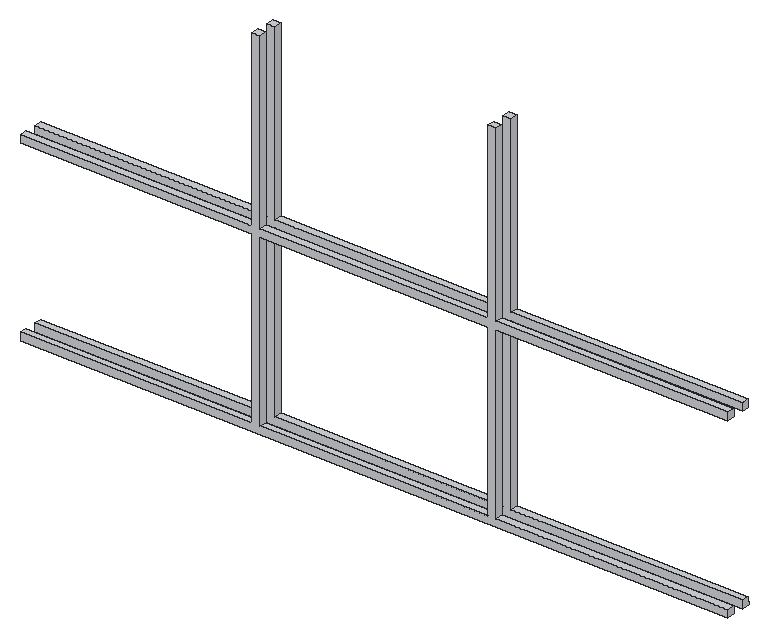
Revit family "M_Padrão do montante_fracional_2x3", category Modelos genéricos, Revit 2019
Family settings
  Pode hospedar o vergalhão = Não
  Cota do conector redondo = Utilizar diâmetro
  Tipo de parte = Normal
  Com base no plano de trabalho = Não
  Sempre na vertical = Sim
  Corte com vazios quando carregada = Não
  Compartilhado = Sim
  Ponto de cálculo do ambiente = Não
Parameters
  Largura [instance] = 1200 mm
  Espessura = 12.7 mm
  Altura [instance] = 1200 mm
  Material interior [instance] = none
  Material externo [instance] = none
  Distância = 19.05 mm
Reference planes
  plane 1 "Centro (Frente/Trás)": y = 0
  plane 2: z = 0
  plane 3 "Centro (Esquerda/Direita)": x = 0
  plane 4: z = 1200
  plane 5: x = -600
  plane 6: x = 600
  plane 7 "a": y = 9.525
  plane 8 "b": y = -9.525
  plane 9: z = 600
  plane 10: x = -200
  plane 11: x = -206.35
  plane 12: x = -193.65
  plane 13: x = 200
  plane 14: x = 193.65
  plane 15: x = 206.35
  plane 16: z = 900
  plane 17: z = 606.35
  plane 18: z = 593.65
  plane 19: z = 906.35
  plane 20: z = 893.65
  plane 21: y = 22.225
  plane 22: y = -22.225
Forms (mm)
  Extrusion 1, solid, material <- "Material externo", detail levels fine
    sketch origin (0, 0, 0) x (1, 0, 0) y (0, 0, 1)
      loop
        line (-600, 906.35) -> (-600, 893.65) -> (-206.35, 893.65) -> (-206.35, 606.35) -> (-600, 606.35) -> (-600, 593.65) -> (193.65, 593.65) -> (600, 593.65) -> (600, 606.35) -> (206.35, 606.35) -> (206.35, 893.65) -> (600, 893.65) -> (600, 906.35) -> (206.35, 906.35) -> (206.35, 1200) -> (193.65, 1200) -> (193.65, 906.35) -> (-193.65, 906.35) -> (-193.65, 1200) -> (-206.35, 1200) -> (-206.35, 906.35) -> (-600, 906.35)
      loop
        line (-193.65, 893.65) -> (-193.65, 606.35) -> (193.65, 606.35) -> (193.65, 893.65) -> (-193.65, 893.65)
    from -22.225 to -9.525
  Extrusion 2, solid, material <- "Material interior", detail levels fine
    sketch origin (0, 0, 0) x (1, 0, 0) y (0, 0, -1)
      loop
        line (-600, -906.35) -> (-206.35, -906.35) -> (-206.35, -1200) -> (-193.65, -1200) -> (-193.65, -906.35) -> (193.65, -906.35) -> (193.65, -1200) -> (206.35, -1200) -> (206.35, -906.35) -> (600, -906.35) -> (600, -893.65) -> (206.35, -893.65) -> (206.35, -606.35) -> (600, -606.35) -> (600, -593.65) -> (193.65, -593.65) -> (-600, -593.65) -> (-600, -606.35) -> (-206.35, -606.35) -> (-206.35, -893.65) -> (-600, -893.65) -> (-600, -906.35)
      loop
        line (-193.65, -893.65) -> (193.65, -893.65) -> (193.65, -606.35) -> (-193.65, -606.35) -> (-193.65, -893.65)
    from -22.225 to -9.525
Lines and regions (mm)
  model lines, detail levels medium
    curve 1: line (-600, 9.525, 600) -> (600, 9.525, 600)
    curve 6: line (-600, -9.525, 600) -> (600, -9.525, 600)
  model lines, style "GenericModel", detail levels medium
    curve 2: line (-200, 9.525, 1200) -> (-200, 9.525, 600)
    curve 3: line (200, 9.525, 1200) -> (200, 9.525, 600)
    curve 4: line (-600, 9.525, 900) -> (600, 9.525, 900)
    curve 5: line (-600, -9.525, 900) -> (600, -9.525, 900)
    curve 7: line (200, -9.525, 1200) -> (200, -9.525, 600)
    curve 8: line (-200, -9.525, 1200) -> (-200, -9.525, 600)
Dimensions and locks
  equal spacing: plane 6, plane 3 "Centro (Esquerda/Direita)", plane 5
  "Largura": plane 6 to plane 5
  "Altura": plane 4 to plane 2
  equal spacing: plane 7 "a", plane 1 "Centro (Frente/Trás)", plane 8 "b"
  "Distância": plane 7 "a" to plane 8 "b"
  plane 12 to plane 10 to plane 11 = 6.35 mm locked, 6.35 mm locked
  equal spacing: plane 6, plane 13, plane 10, plane 5
  plane 14 to plane 13 = 6.35 mm
  plane 15 to plane 13 = 6.35 mm
  equal spacing: plane 4, plane 16, plane 9
  plane 17 to plane 9 to plane 18 = 6.35 mm locked, 6.35 mm locked
  plane 19 to plane 16 to plane 20 = 6.35 mm locked, 6.35 mm locked
  equal spacing: plane 4, plane 9, plane 2
  "Espessura": plane 21 to plane 7 "a"
  "Espessura": plane 8 "b" to plane 22
  aligned and locked: plane 2 to level
  aligned and locked: plane 5 to curve 1
  aligned and locked: plane 6 to curve 1
  aligned and locked: curve 1 to plane 9
  aligned and locked: curve 2 to plane 10
  aligned and locked: curve 3 to plane 13
  aligned and locked: curve 4 to plane 16
  aligned and locked: Extrusion 1 sketch curve to plane 19
  aligned and locked: Extrusion 1 sketch curve to plane 20
  aligned and locked: Extrusion 1 sketch curve to plane 11
  aligned and locked: Extrusion 1 sketch curve to plane 12
  aligned and locked: Extrusion 1 sketch curve to plane 14
  aligned and locked: Extrusion 1 sketch curve to plane 15
  aligned and locked: Extrusion 1 sketch curve to plane 17
  aligned and locked: Extrusion 1 sketch curve to plane 18
  aligned and locked: Extrusion 1 sketch curve to plane 5
  aligned and locked: Extrusion 1 sketch curve to plane 6
  aligned and locked: Extrusion 1 sketch curve to plane 4
  aligned and locked: Extrusion 1 to plane 7 "a"
  aligned and locked: Extrusion 1 to plane 21
  aligned and locked: Extrusion 2 to plane 5
  aligned and locked: plane 8 "b" to Extrusion 2
  aligned and locked: Extrusion 2 to plane 22
  aligned and locked: plane 6 to Extrusion 2
  aligned and locked: Extrusion 2 to plane 11
  aligned and locked: plane 12 to Extrusion 2
  aligned and locked: Extrusion 2 to plane 14
  aligned and locked: plane 15 to Extrusion 2
  aligned and locked: plane 19 to Extrusion 1
  aligned and locked: plane 19 to Extrusion 2
  aligned and locked: Extrusion 1 to plane 20
  aligned and locked: Extrusion 2 to plane 20
  aligned and locked: plane 4 to curve 8
  aligned and locked: plane 4 to curve 7
  aligned and locked: plane 5 to curve 5
  aligned and locked: plane 5 to curve 6
  aligned and locked: plane 6 to curve 5
  aligned and locked: plane 6 to curve 6
  aligned and locked: plane 9 to curve 8
  aligned and locked: plane 9 to curve 7
Automatic sketch dimensions
  Extrusion 1 sketch curve to plane 5 = 0 mm
  plane 11 to Extrusion 1 sketch curve = 0 mm
  plane 12 to Extrusion 1 sketch curve = 0 mm
  plane 14 to Extrusion 1 sketch curve = 0 mm  (x2)
  plane 15 to Extrusion 1 sketch curve = 0 mm
  Extrusion 1 sketch curve to plane 6 = 0 mm
  Extrusion 1 sketch curve to plane 17 = 0 mm  (x2)
  Extrusion 1 sketch curve to plane 20 = 0 mm  (x2)
  Extrusion 1 sketch curve to plane 19 = 0 mm  (x2)
  Extrusion 1 sketch curve to plane 4 = 0 mm
  Extrusion 2 sketch curve to plane 5 = 0 mm  (x2)
  Extrusion 2 sketch curve to plane 11 = 0 mm  (x2)
  Extrusion 2 sketch curve to plane 4 = 0 mm  (x2)
  Extrusion 2 sketch curve to plane 12 = 0 mm  (x2)
  Extrusion 2 sketch curve to plane 14 = 0 mm  (x3)
  Extrusion 2 sketch curve to plane 15 = 0 mm  (x2)
  Extrusion 2 sketch curve to plane 6 = 0 mm  (x2)
  Extrusion 2 sketch curve to plane 19 = 0 mm  (x3)
  Extrusion 2 sketch curve to plane 20 = 0 mm  (x3)
  Extrusion 2 sketch curve to plane 17 = 0 mm  (x3)
  Extrusion 2 sketch curve to plane 18 = 0 mm
  curve 4 to plane 6 = 0 mm
  curve 4 to plane 5 = 0 mm
  curve 3 to plane 4 = 0 mm
  curve 2 to plane 4 = 0 mm
  curve 7 to plane 13 = 0 mm
  curve 8 to plane 10 = 0 mm
  curve 5 to plane 16 = 0 mm
